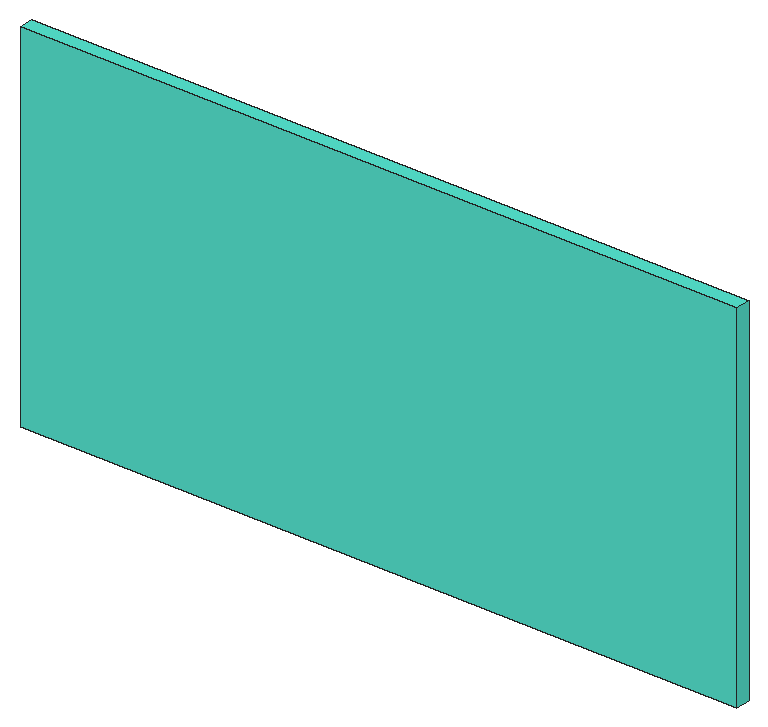
Revit family "Poly Max - Ceiling Baffles", category Specialty Equipment, Revit 2023
Family settings
  Round Connector Dimension = Use Diameter
  Part Type = Normal
  OmniClass Number = 23.35.00.00
  OmniClass Title = Covering, Cladding, and Finishes
  Work Plane-Based = Yes
  Enable Cutting in Views = Yes
  Always vertical = No
  Cut with Voids When Loaded = No
  Maintain Annotation Orientation = No
  Shared = No
  Room Calculation Point = No
Parameters (values of type "24 x 48 - 1 INCH - PRINTED GRAPHICS")
  ‍      1. Thickness 1" = Thickness Options = 1  # yes
  ‍      0. Thickness 1/2" = Thickness Options = 0  # no
  URL = "https://www.acousticalsurfaces.com/poly-max/baffle/"
  Type Comments = "Acoustic panels for vertical and horizontal surfaces"
  Thickness Options = 1
  T = if(Thickness Options = 0, 0' 0 1/2", 0' 0") + if(Thickness Options = 1, 0' 1", 0' 0") + if(Thickness Options = 2, 0' 2", 0' 0")  # 0' - 1"
  Recycled Content Percentage = "0%"
  Model = "Poly Max - Ceiling and Wall Panels"
  Material = "Poly Max"
  Manufacturer = "Acoustical Surfaces, Inc."
  Fire Rating = "ASTM E84 - Class A"
  Finish = Paint - Acoustical-Surfaces - Printed Graphics
  Width = 2' - 0"
  Length = 4' - 0"
  ‍      2. Thickness 2" = Thickness Options = 2  # no
  Description = "Acoustic Panels"
  Default Elevation = 0' - 0"
  B = Width / 2  # 1' - 0"
  Assembly Code = "C30"
  Acoustics - NRC = "Sound absorption varies from NRC 0.45 to 0.95 based on installation method used when tested per ASTM C423."
Types (42): name | ‍      1. Thickness 1" | ‍      0. Thickness 1/2" | Thickness Options | T | Finish | Width | Length | ‍      2. Thickness 2" | B
  24 x 48 - 1 INCH - PRINTED GRAPHICS | yes | no | 1 | 0' - 1" | Paint - Acoustical-Surfaces - Printed Graphics | 2' - 0" | 4' - 0" | no | 1' - 0"
  24 x 48 - 1 INCH - BLACK | yes | no | 1 | 0' - 1" | Paint - Acoustical-Surfaces - Black | 2' - 0" | 4' - 0" | no | 1' - 0"
  24 x 48 - 1 INCH - BEIGE | yes | no | 1 | 0' - 1" | Paint - Acoustical-Surfaces - Beige | 2' - 0" | 4' - 0" | no | 1' - 0"
  24 x 48 - 1 INCH - WHITE | yes | no | 1 | 0' - 1" | Paint - Acoustical-Surfaces - White | 2' - 0" | 4' - 0" | no | 1' - 0"
  48 x 96 - 2 INCH - PRINTED GRAPHICS | no | no | 2 | 0' - 2" | Paint - Acoustical-Surfaces - Printed Graphics | 4' - 0" | 8' - 0" | yes | 2' - 0"
  48 x 96 - 2 INCH - BLACK | no | no | 2 | 0' - 2" | Paint - Acoustical-Surfaces - Black | 4' - 0" | 8' - 0" | yes | 2' - 0"
  48 x 96 - 2 INCH - BEIGE | no | no | 2 | 0' - 2" | Paint - Acoustical-Surfaces - Beige | 4' - 0" | 8' - 0" | yes | 2' - 0"
  48 x 96 - 2 INCH - WHITE | no | no | 2 | 0' - 2" | Paint - Acoustical-Surfaces - White | 4' - 0" | 8' - 0" | yes | 2' - 0"
  48 x 96 - 1 INCH - PRINTED GRAPHICS | yes | no | 1 | 0' - 1" | Paint - Acoustical-Surfaces - Printed Graphics | 4' - 0" | 8' - 0" | no | 2' - 0"
  48 x 96 - 1 INCH - BLACK | yes | no | 1 | 0' - 1" | Paint - Acoustical-Surfaces - Black | 4' - 0" | 8' - 0" | no | 2' - 0"
  48 x 96 - 1 INCH - BEIGE | yes | no | 1 | 0' - 1" | Paint - Acoustical-Surfaces - Beige | 4' - 0" | 8' - 0" | no | 2' - 0"
  48 x 96 - 1 INCH - WHITE | yes | no | 1 | 0' - 1" | Paint - Acoustical-Surfaces - White | 4' - 0" | 8' - 0" | no | 2' - 0"
  48 x 96 - HALF INCH - PRINTED GRAPHICS | no | yes | 0 | 0' - 0 1/2" | Paint - Acoustical-Surfaces - Printed Graphics | 4' - 0" | 8' - 0" | no | 2' - 0"
  48 x 96 - HALF INCH - LIME | no | yes | 0 | 0' - 0 1/2" | Paint - Acoustical-Surfaces - Lime | 4' - 0" | 8' - 0" | no | 2' - 0"
  48 x 96 - HALF INCH - ORANGE | no | yes | 0 | 0' - 0 1/2" | Paint - Acoustical-Surfaces - Orange | 4' - 0" | 8' - 0" | no | 2' - 0"
  48 x 96 - HALF INCH - RED | no | yes | 0 | 0' - 0 1/2" | Paint - Acoustical-Surfaces - Red | 4' - 0" | 8' - 0" | no | 2' - 0"
  48 x 96 - HALF INCH - PURPLE | no | yes | 0 | 0' - 0 1/2" | Paint - Acoustical-Surfaces - Purple | 4' - 0" | 8' - 0" | no | 2' - 0"
  48 x 96 - HALF INCH - BLUE | no | yes | 0 | 0' - 0 1/2" | Paint - Acoustical-Surfaces - Blue | 4' - 0" | 8' - 0" | no | 2' - 0"
  48 x 96 - HALF INCH - BLACK | no | yes | 0 | 0' - 0 1/2" | Paint - Acoustical-Surfaces - Black | 4' - 0" | 8' - 0" | no | 2' - 0"
  48 x 96 - HALF INCH - GREY | no | yes | 0 | 0' - 0 1/2" | Paint - Acoustical-Surfaces - Grey | 4' - 0" | 8' - 0" | no | 2' - 0"
  48 x 96 - HALF INCH - SILVER | no | yes | 0 | 0' - 0 1/2" | Paint - Acoustical-Surfaces - Silver | 4' - 0" | 8' - 0" | no | 2' - 0"
  48 x 96 - HALF INCH - BROWN | no | yes | 0 | 0' - 0 1/2" | Paint - Acoustical-Surfaces - Brown | 4' - 0" | 8' - 0" | no | 2' - 0"
  48 x 96 - HALF INCH - TAN | no | yes | 0 | 0' - 0 1/2" | Paint - Acoustical-Surfaces - Tan | 4' - 0" | 8' - 0" | no | 2' - 0"
  48 x 96 - HALF INCH - WHITE | no | yes | 0 | 0' - 0 1/2" | Paint - Acoustical-Surfaces - White | 4' - 0" | 8' - 0" | no | 2' - 0"
  48 x 96 - HALF INCH - BEIGE | no | yes | 0 | 0' - 0 1/2" | Paint - Acoustical-Surfaces - Beige | 4' - 0" | 8' - 0" | no | 2' - 0"
  24 x 48 - 2 INCH - PRINTED GRAPHICS | no | no | 2 | 0' - 2" | Paint - Acoustical-Surfaces - Printed Graphics | 2' - 0" | 4' - 0" | yes | 1' - 0"
  24 x 48 - 2 INCH - BLACK | no | no | 2 | 0' - 2" | Paint - Acoustical-Surfaces - Black | 2' - 0" | 4' - 0" | yes | 1' - 0"
  24 x 48 - 2 INCH - BEIGE | no | no | 2 | 0' - 2" | Paint - Acoustical-Surfaces - Beige | 2' - 0" | 4' - 0" | yes | 1' - 0"
  24 x 48 - 2 INCH - WHITE | no | no | 2 | 0' - 2" | Paint - Acoustical-Surfaces - White | 2' - 0" | 4' - 0" | yes | 1' - 0"
  24 x 48 - HALF INCH - PRINTED GRAPHICS | no | yes | 0 | 0' - 0 1/2" | Paint - Acoustical-Surfaces - Printed Graphics | 2' - 0" | 4' - 0" | no | 1' - 0"
  24 x 48 - HALF INCH - LIME | no | yes | 0 | 0' - 0 1/2" | Paint - Acoustical-Surfaces - Lime | 2' - 0" | 4' - 0" | no | 1' - 0"
  24 x 48 - HALF INCH - ORANGE | no | yes | 0 | 0' - 0 1/2" | Paint - Acoustical-Surfaces - Orange | 2' - 0" | 4' - 0" | no | 1' - 0"
  24 x 48 - HALF INCH - RED | no | yes | 0 | 0' - 0 1/2" | Paint - Acoustical-Surfaces - Red | 2' - 0" | 4' - 0" | no | 1' - 0"
  24 x 48 - HALF INCH - PURPLE | no | yes | 0 | 0' - 0 1/2" | Paint - Acoustical-Surfaces - Purple | 2' - 0" | 4' - 0" | no | 1' - 0"
  24 x 48 - HALF INCH - BLUE | no | yes | 0 | 0' - 0 1/2" | Paint - Acoustical-Surfaces - Blue | 2' - 0" | 4' - 0" | no | 1' - 0"
  24 x 48 - HALF INCH - BLACK | no | yes | 0 | 0' - 0 1/2" | Paint - Acoustical-Surfaces - Black | 2' - 0" | 4' - 0" | no | 1' - 0"
  24 x 48 - HALF INCH - GREY | no | yes | 0 | 0' - 0 1/2" | Paint - Acoustical-Surfaces - Grey | 2' - 0" | 4' - 0" | no | 1' - 0"
  24 x 48 - HALF INCH - SILVER | no | yes | 0 | 0' - 0 1/2" | Paint - Acoustical-Surfaces - Silver | 2' - 0" | 4' - 0" | no | 1' - 0"
  24 x 48 - HALF INCH - BROWN | no | yes | 0 | 0' - 0 1/2" | Paint - Acoustical-Surfaces - Brown | 2' - 0" | 4' - 0" | no | 1' - 0"
  24 x 48 - HALF INCH - TAN | no | yes | 0 | 0' - 0 1/2" | Paint - Acoustical-Surfaces - Tan | 2' - 0" | 4' - 0" | no | 1' - 0"
  24 x 48 - HALF INCH - BEIGE | no | yes | 0 | 0' - 0 1/2" | Paint - Acoustical-Surfaces - Beige | 2' - 0" | 4' - 0" | no | 1' - 0"
  24 x 48 - HALF INCH - WHITE | no | yes | 0 | 0' - 0 1/2" | Paint - Acoustical-Surfaces - White | 2' - 0" | 4' - 0" | no | 1' - 0"
Reference planes (in)
  plane 1 "Center (Front/Back)": y = 0
  plane 2: z = 0
  plane 3 "Center (Left/Right)": x = 0
  plane 4: x = -24
  plane 5: x = 24
  plane 6: z = 24
Dimensions and locks (in)
  "B": nested 1 to level
  equal spacing: plane 4, plane 3 "Center (Left/Right)", plane 5
  "Length": plane 4 to plane 5
  "Width": plane 6 to level
  aligned and locked: level to plane 2
Nested families (in)
  nested 1: "Square" at (0, 0, 12) x (-1, 0, 0) z (0, -1, 0), type "Square"
    with A 4' - 0"
Definition of nested family "Square"
  Parameters (values of type "Square")
    Thickness = 0' - 1"
    Material = none
    Default Elevation = 4' - 0"
    B = 2' - 0"
    A = 8' - 0"
  Reference planes (in)
    plane 1 "Center (Front/Back)": y = 0
    plane 2: z = 0
    plane 3 "Center (Left/Right)": x = 0
    plane 4: x = -48
    plane 5: x = 48
    plane 6: y = 12
    plane 7: y = -12
    plane 8: z = 1
  Forms (in)
    Extrusion 1, solid, material <- "Material"
      sketch origin (0, 0, 0) x (1, 0, 0) y (0, 1, 0)
        loop
          line (48, 12) -> (-48, 12) -> (-48, -12) -> (48, -12) -> (48, 12)
      from 0 to 1
  Dimensions and locks (in)
    equal spacing: plane 4, plane 3 "Center (Left/Right)", plane 5
    equal spacing: plane 7, plane 1 "Center (Front/Back)", plane 6
    "B": plane 7 to plane 6
    "A": plane 4 to plane 5
    "Thickness": plane 8 to level
    aligned and locked: level to plane 2
    aligned and locked: Extrusion 1 sketch curve to plane 4
    aligned and locked: plane 5 to Extrusion 1 sketch curve
    aligned and locked: Extrusion 1 sketch curve to plane 6
    aligned and locked: Extrusion 1 sketch curve to plane 7
    aligned and locked: Extrusion 1 to plane 8
